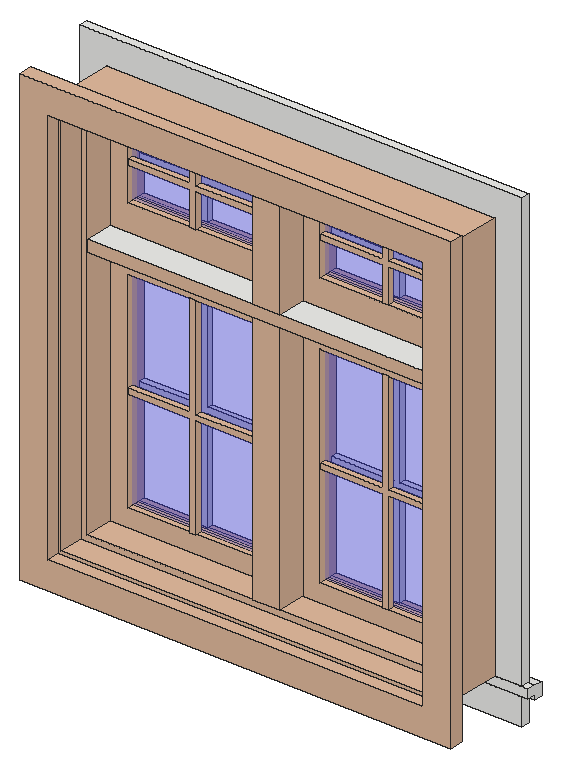
Revit family "M_Janela-batente-duplo-toldo-duplo", category Janelas, Revit 2019 (continued)
Definition of nested family "M_Plano-toldo"
  Lines and regions (mm)
    Masking region 1
      outline origin (0, 19.05, 0) x (1, 0, 0) y (0, 1, 0)
        loop
          line (-600, -169.05) -> (600, -169.05) -> (600, -19.05) -> (-600, -19.05) -> (-600, -169.05)
    Masking region 2
      outline origin (0, 0, 0) x (0, 1, 0) y (0, 0, 1)
        loop
          line (-150, 1200) -> (-150, 0) -> (0, 0) -> (0, 1200) -> (-150, 1200)
    symbolic lines
      curve 1: line (-587.3, -81.75, 0) -> (-568.25, -81.75, 0)
      curve 2: line (-568.25, -81.75, 0) -> (-568.25, -126.2, 0)
      curve 3: line (-587.3, -37.3, 0) -> (-587.3, -81.75, 0)
      curve 4: line (-530.15, -37.3, 0) -> (-530.15, -81.75, 0)
      curve 5: line (-530.15, -81.75, 0) -> (-568.25, -81.75, 0)
      curve 6: line (-530.15, -59.525, 0) -> (530.15, -59.525, 0)
      curve 7: line (568.25, -81.75, 0) -> (568.25, -126.2, 0)
      curve 8: line (587.3, -37.3, 0) -> (587.3, -81.75, 0)
      curve 9: line (530.15, -37.3, 0) -> (530.15, -81.75, 0)
      curve 10: line (530.15, -81.75, 0) -> (587.3, -81.75, 0)
      curve 11: line (-600, -126.2, 0) -> (-568.25, -126.2, 0)
      curve 12: line (568.25, -126.2, 0) -> (-568.25, -126.2, 0)
      curve 13: line (0, -81.75, 1168.25) -> (0, -126.2, 1168.25)
      curve 14: line (0, -126.2, 0) -> (0, -126.2, 31.75)
      curve 15: line (0, -37.3, 12.7) -> (0, -81.75, 12.7)
      curve 16: line (0, -81.75, 12.7) -> (0, -81.75, 69.85)
      curve 17: line (0, -81.75, 31.75) -> (0, -126.2, 31.75)
      curve 18: line (0, -37.3, 1200) -> (0, -37.3, 1130.15)
      curve 19: line (0, -37.3, 1130.15) -> (0, -81.75, 1130.15)
      curve 20: line (0, -81.75, 69.85) -> (0, -37.3, 69.85)
      curve 21: line (0, -59.525, 69.85) -> (0, -59.525, 1130.15)
      curve 22: line (0, -81.75, 1187.3) -> (0, -81.75, 1130.15)
      curve 23: line (530.15, -37.3, 0) -> (600, -37.3, 0)
      curve 24: line (530.15, -37.3, 0) -> (-530.15, -37.3, 0)
      curve 25: line (0, -37.3, 69.85) -> (0, -37.3, 0)
      curve 26: line (-530.15, -37.3, 0) -> (-600, -37.3, 0)
      curve 27: line (0, -37.3, 1130.15) -> (0, -37.3, 69.85)
      curve 32: line (568.25, -126.2, 0) -> (600, -126.2, 0)
      curve 33: line (0, -37.3, 1187.3) -> (0, -81.75, 1187.3)
      curve 34: line (0, -126.2, 1168.25) -> (0, -126.2, 1200)
      curve 35: line (0, -126.2, 31.75) -> (0, -126.2, 1168.25)
      curve 36: line (0, -81.75, 1187.3) -> (0, 505.55, 170.067)
      curve 37: arc (0, -81.75, 12.7) -> (0, 222.259, 52.724) -> (0, 505.55, 170.067) r 1174.6
    symbolic lines, visible <- "Linha superior"
      curve 28: line (0, 0, 1200) -> (0, -150, 1200)
    symbolic lines, visible <- "Linha inferior"
      curve 29: line (0, 0, 0) -> (0, -150, 0)
    symbolic lines, visible <- "Linha à esquerda"
      curve 30: line (-600, 0, 0) -> (-600, -150, 0)
    symbolic lines, visible <- "Linha à direita"
      curve 31: line (600, 0, 0) -> (600, -150, 0)
  Dimensions and locks
    "Width": plane 4 to plane 5
    equal spacing: plane 4, plane 3 "Centro (Esquerda/Direita)", plane 5
    plane 4 to plane 7 to plane 8 = 12.7 mm locked, 19.05 mm locked
    equal spacing: plane 9, plane 11, plane 10
    locked: plane 7 to plane 12 at 57.15
    plane 5 to plane 13 to plane 14 = 12.7 mm locked, 19.05 mm locked
    locked: plane 13 to plane 15 at 57.15
    locked: plane 9 to plane 16 "Janela aplicada" at 12.7
    locked: plane 9 to plane 10 at 44.45
    "Espessura da parede": plane 17 "Parede" to plane 1 "Centro (Frente/Trás)"
    "Height": plane 18 to plane 2
    locked: plane 18 to plane 19 at 12.7
    locked: plane 20 to plane 2 at 12.7
    locked: plane 19 to plane 21 at 19.05
    locked: plane 22 to plane 20 at 19.05
    locked: plane 19 to plane 23 at 57.15
    locked: plane 24 to plane 20 at 57.15
    locked: plane 10 to plane 6 "Umbral" at 44.45
    "Janela aplicada de 3D": plane 9 to plane 1 "Centro (Frente/Trás)"
    equal spacing: plane 18, plane 25, plane 2
    locked: plane 10 to curve 36 (angle 30.00°)
    aligned and locked: plane 2 to level
    aligned and locked: curve 2 to plane 8
    aligned and locked: curve 1 to plane 10
    aligned and locked: plane 4 to Masking region 1 sketch curve
    aligned and locked: Masking region 1 sketch curve to plane 5
    aligned and locked: plane 14 to curve 7
    aligned and locked: Masking region 1 sketch curve to plane 17 "Parede"
    aligned and locked: plane 1 "Centro (Frente/Trás)" to Masking region 1 sketch curve
    aligned and locked: Masking region 2 sketch curve to plane 18
    aligned and locked: plane 17 "Parede" to Masking region 2 sketch curve
    aligned and locked: level to Masking region 2 sketch curve
    aligned and locked: plane 6 "Umbral" to curve 14
    aligned and locked: plane 21 to curve 13
    aligned and locked: plane 22 to curve 17  (x2)
    aligned and locked: plane 10 to curve 16  (x2)
    aligned and locked: plane 20 to curve 15
    aligned and locked: curve 18 to plane 9
    aligned and locked: plane 23 to curve 19
    aligned and locked: curve 20 to plane 24
    aligned and locked: plane 11 to curve 21
    aligned and locked: plane 18 to curve 18
    aligned and locked: plane 9 to curve 15
    aligned and locked: plane 9 to curve 3
    aligned and locked: plane 19 to curve 22
    aligned and locked: plane 23 to curve 22
    aligned and locked: plane 9 to curve 24
    aligned and locked: plane 4 to curve 26
    aligned and locked: plane 9 to curve 25
    aligned and locked: plane 2 to curve 25
    aligned and locked: curve 4 to plane 12
    aligned and locked: plane 24 to curve 27
    aligned and locked: plane 1 "Centro (Frente/Trás)" to curve 28
    aligned and locked: plane 17 "Parede" to curve 28
    aligned and locked: curve 28 to plane 18
    aligned and locked: plane 17 "Parede" to curve 29
    aligned and locked: plane 1 "Centro (Frente/Trás)" to curve 29
    aligned and locked: curve 29 to plane 2
    aligned and locked: plane 4 to curve 11
    aligned and locked: plane 17 "Parede" to curve 31
    aligned and locked: curve 31 to plane 5
    aligned and locked: plane 5 to curve 32
    aligned and locked: plane 14 to curve 32
    aligned and locked: curve 32 to plane 6 "Umbral"
    aligned and locked: plane 17 "Parede" to curve 30
    aligned and locked: plane 9 to curve 33
    aligned and locked: plane 10 to curve 33
    aligned and locked: curve 33 to plane 19
    aligned and locked: plane 1 "Centro (Frente/Trás)" to curve 31
    aligned and locked: plane 1 "Centro (Frente/Trás)" to curve 30
    aligned and locked: plane 21 to curve 34
    aligned and locked: curve 35 to plane 6 "Umbral"
    aligned and locked: curve 34 to plane 6 "Umbral"
    aligned and locked: plane 20 to curve 37
    aligned and locked: plane 19 to curve 37
    aligned and locked: plane 10 to curve 37
  Automatic sketch dimensions
    curve 3 to plane 7 = 0 mm
    curve 9 to plane 15 = 0 mm
    curve 8 to plane 10 = 0 mm
    curve 8 to plane 13 = 0 mm
    curve 6 to plane 11 = 0 mm
    Masking region 2 sketch curve to plane 1 "Centro (Frente/Trás)" = 0 mm
Types in the file's own list only (21): name | Visibilidade do montante superior | Meia largura | Transmissão de luz visual | Resistência térmica (R) | Coeficiente de ganho de calor solar | Largura bruta | Altura bruta | Altura da janela aberta | Visibilidade do montante inferior | Padrão do montante | Altura | Coeficiente de transferência de calor (U) | Fechamento da parede | Largura
  850 x 1050mm | Sim | 425 mm | 0.81 | 0.3196 (m²·K)/W | 0.76 | 865 mm | 1065 mm | 750 mm | Sim | M_Padrão do montante_2x2 | 1050 mm | 3.1293 W/(m²·K) | Por hospedeiro | 850 mm
  850 x 1200mm | Sim | 425 mm | 0.81 | 0.3196 (m²·K)/W | 0.76 | 865 mm | 1215 mm | 900 mm | Sim | M_Padrão do montante_2x2 | 1200 mm | 3.1293 W/(m²·K) | Por hospedeiro | 850 mm
  850 x 1350mm | Sim | 425 mm | 0.81 | 0.3196 (m²·K)/W | 0.76 | 865 mm | 1365 mm | 1050 mm | Sim | M_Padrão do montante_2x2 | 1350 mm | 3.1293 W/(m²·K) | Por hospedeiro | 850 mm
  850 x 1500mm | Sim | 425 mm | 0.81 | 0.3196 (m²·K)/W | 0.76 | 865 mm | 1515 mm | 1200 mm | Sim | M_Padrão do montante_2x2 | 1500 mm | 3.1293 W/(m²·K) | Por hospedeiro | 850 mm
  850 x 1650mm | Sim | 425 mm | 0.81 | 0.3196 (m²·K)/W | 0.76 | 865 mm | 1665 mm | 1350 mm | Sim | M_Padrão do montante_2x2 | 1650 mm | 3.1293 W/(m²·K) | Por hospedeiro | 850 mm
  1050 x 1050mm | Sim | 525 mm | 0.81 | 0.3196 (m²·K)/W | 0.76 | 1065 mm | 1065 mm | 750 mm | Sim | M_Padrão do montante_2x2 | 1050 mm | 3.1293 W/(m²·K) | Por hospedeiro | 1050 mm
  1050 x 1200mm | Sim | 525 mm | 0.81 | 0.3196 (m²·K)/W | 0.76 | 1065 mm | 1215 mm | 900 mm | Sim | M_Padrão do montante_2x2 | 1200 mm | 3.1293 W/(m²·K) | Por hospedeiro | 1050 mm
  1050 x 1350mm | Sim | 525 mm | 0.81 | 0.3196 (m²·K)/W | 0.76 | 1065 mm | 1365 mm | 1050 mm | Sim | M_Padrão do montante_2x2 | 1350 mm | 3.1293 W/(m²·K) | Por hospedeiro | 1050 mm
  1050 x 1500mm | Sim | 525 mm | 0.81 | 0.3196 (m²·K)/W | 0.76 | 1065 mm | 1515 mm | 1200 mm | Sim | M_Padrão do montante_2x2 | 1500 mm | 3.1293 W/(m²·K) | Por hospedeiro | 1050 mm
  1050 x 1650mm | Sim | 525 mm | 0.81 | 0.3196 (m²·K)/W | 0.76 | 1065 mm | 1665 mm | 1350 mm | Sim | M_Padrão do montante_2x2 | 1650 mm | 3.1293 W/(m²·K) | Por hospedeiro | 1050 mm
  1200 x 1050mm | Sim | 600 mm | 0.81 | 0.3196 (m²·K)/W | 0.76 | 1215 mm | 1065 mm | 750 mm | Sim | M_Padrão do montante_2x2 | 1050 mm | 3.1293 W/(m²·K) | Por hospedeiro | 1200 mm
  1200 x 1200mm | Sim | 600 mm | 0.81 | 0.3196 (m²·K)/W | 0.76 | 1215 mm | 1215 mm | 900 mm | Sim | M_Padrão do montante_2x2 | 1200 mm | 3.1293 W/(m²·K) | Por hospedeiro | 1200 mm
  1200 x 1350mm | Sim | 600 mm | 0.81 | 0.3196 (m²·K)/W | 0.76 | 1215 mm | 1365 mm | 1050 mm | Sim | M_Padrão do montante_2x2 | 1350 mm | 3.1293 W/(m²·K) | Por hospedeiro | 1200 mm
  1200 x 1500mm | Sim | 600 mm | 0.81 | 0.3196 (m²·K)/W | 0.76 | 1215 mm | 1515 mm | 1200 mm | Sim | M_Padrão do montante_2x2 | 1500 mm | 3.1293 W/(m²·K) | Por hospedeiro | 1200 mm
  1200 x 1650mm | Sim | 600 mm | 0.81 | 0.3196 (m²·K)/W | 0.76 | 1215 mm | 1665 mm | 1350 mm | Sim | M_Padrão do montante_2x2 | 1650 mm | 3.1293 W/(m²·K) | Por hospedeiro | 1200 mm
  1400 x 1050mm | Sim | 700 mm | 0.81 | 0.3196 (m²·K)/W | 0.76 | 1415 mm | 1065 mm | 750 mm | Sim | M_Padrão do montante_2x2 | 1050 mm | 3.1293 W/(m²·K) | Por hospedeiro | 1400 mm
  1400 x 1200mm | Sim | 700 mm | 0.81 | 0.3196 (m²·K)/W | 0.76 | 1415 mm | 1215 mm | 900 mm | Sim | M_Padrão do montante_2x2 | 1200 mm | 3.1293 W/(m²·K) | Por hospedeiro | 1400 mm
  1400 x 1350mm | Sim | 700 mm | 0.81 | 0.3196 (m²·K)/W | 0.76 | 1415 mm | 1365 mm | 1050 mm | Sim | M_Padrão do montante_2x2 | 1350 mm | 3.1293 W/(m²·K) | Por hospedeiro | 1400 mm
  1400 x 1500mm | Sim | 700 mm | 0.81 | 0.3196 (m²·K)/W | 0.76 | 1415 mm | 1515 mm | 1200 mm | Sim | M_Padrão do montante_2x2 | 1500 mm | 3.1293 W/(m²·K) | Por hospedeiro | 1400 mm
  1400 x 1650mm | Sim | 700 mm | 0.81 | 0.3196 (m²·K)/W | 0.76 | 1415 mm | 1665 mm | 1350 mm | Sim | M_Padrão do montante_2x2 | 1650 mm | 3.1293 W/(m²·K) | Por hospedeiro | 1400 mm
  1400 x 1800mm | Sim | 700 mm | 0.81 | 0.3196 (m²·K)/W | 0.76 | 1415 mm | 1815 mm | 1500 mm | Sim | M_Padrão do montante_2x2 | 1800 mm | 3.1293 W/(m²·K) | Por hospedeiro | 1400 mm
